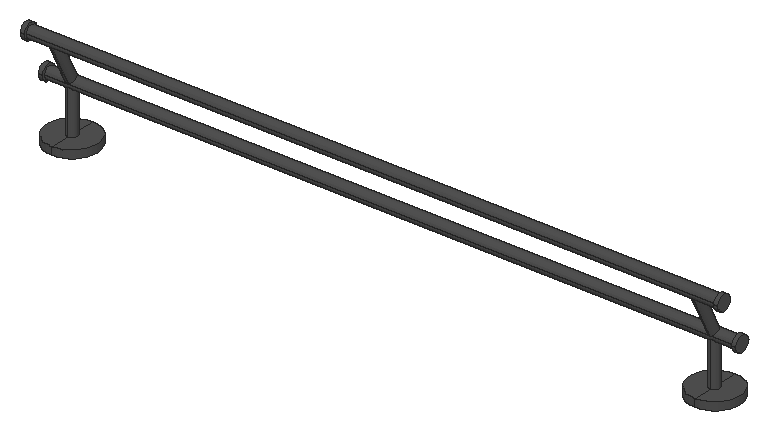
Revit family "Towel Rail-Double-Caroma Liano Nexus", category Specialty Equipment, host Face, Revit 2013
Parameters (values of type "Standard")
  URL = "http://www.caroma.com.au/"
  Type Comments = "Caroma Liano Nexus Double Towel Rail"  # constant formula
  ModifiedIssue_ANZRS = 2013.1  # constant formula
  Model = "96121B"  # constant formula
  Material_ANZRS = Metal-Steel-Powdercoated-Matte Black
  Manufacturer = "GWA Bathrooms & Kitchens"  # constant formula
  Length_ANZRS = 760 mm  # constant formula
  Description = ""
  Default Elevation = 900 mm
  CreatedBy_ANZRS = "Design Content"  # constant formula
  CreatedByURL_ANZRS = "www.designcontent.com.au"
  Cost = 0
  Assembly Code = "C1030200"
Reference planes
  plane 1 "Center (Elevation)": y = 0
  plane 2 "Back": z = 0
  plane 3 "Center (Left/Right)": x = 0
  plane 4 "Left": x = -380
  plane 5 "Right": x = 380
  plane 6 "Top": y = 29.966
  plane 7 "Bottom": y = -30
  plane 8 "Front": z = 129
Forms (mm)
  Revolve 1, solid, material "Metal-Steel-Powdercoated-Matte Black" <- "Material_ANZRS"
    sketch origin (-380, 0, 0) x (0, 1, 0) y (0, 0, 1)
      loop
        line (0, 0) -> (29.966, 0) -> (29.966, 9) -> (6, 9) -> (6, 65.399) -> (0, 65.399) -> (0, 0)
      axis (0, 65.399) -> (0, 0)
    angle from 0 to 360
  Extrusion 2, solid, material "Metal-Steel-Powdercoated-Matte Black" <- "Material_ANZRS"
    sketch origin (0, 0, 0) x (0, 1, 0) y (0, 0, 1)
      loop
        circle (-26.896, 120.145) r 7
      loop
        circle (0, 64.985) r 7
    from -407.5 to 407.5
  Revolve 3, solid, material "Metal-Steel-Powdercoated-Matte Black" <- "Material_ANZRS"
    sketch origin (380, 0, 0) x (0, 1, 0) y (0, 0, 1)
      loop
        line (0, 0) -> (29.966, 0) -> (29.966, 9) -> (6, 9) -> (6, 65.399) -> (0, 65.399) -> (0, 0)
      axis (0, 65.399) -> (0, 0)
    angle from 0 to 360
  Revolve 4, solid, material "Metal-Steel-Powdercoated-Matte Black" <- "Material_ANZRS"
    sketch origin (-380, 0, 0) x (0, 1, 0) y (0, 0, 1)
      loop
        line (0, 65) -> (5.393, 67.63) -> (-21.679, 123.135) -> (-27.072, 120.505) -> (0, 65)
      axis (0, 65) -> (-27.072, 120.505)
    angle from 0 to 360
  Extrusion 5, solid, material "Metal-Steel-Powdercoated-Matte Black" <- "Material_ANZRS"
    sketch origin (0, 0, 0) x (0, 1, 0) y (0, 0, 1)
      loop
        circle (-26.896, 120.145) r 9
      loop
        circle (0, 64.985) r 9
    from -412.5 to -407.5
  Extrusion 6, solid, material "Metal-Steel-Powdercoated-Matte Black" <- "Material_ANZRS"
    sketch origin (0, 0, 0) x (0, 1, 0) y (0, 0, -1)
      loop
        circle (-26.896, -120.145) r 9
      loop
        circle (0, -64.985) r 9
    from -412.5 to -407.5
  Revolve 7, solid, material "Metal-Steel-Powdercoated-Matte Black" <- "Material_ANZRS"
    sketch origin (380, 0, 0) x (0, 1, 0) y (0, 0, -1)
      loop
        line (0, -65) -> (-27.072, -120.505) -> (-21.679, -123.135) -> (5.393, -67.63) -> (0, -65)
      axis (0, -65) -> (-27.072, -120.505)
    angle from 0 to 360
Cuts and joins
  joined: Revolve 1, Extrusion 2, Revolve 3, Revolve 4, Extrusion 5, Extrusion 6, Revolve 7
Dimensions and locks
  "Length_ANZRS": plane 4 "Left" to plane 5 "Right"
  equal spacing: plane 4 "Left", plane 3 "Center (Left/Right)", plane 5 "Right"
  aligned and locked: plane 2 "Back" to host face
  aligned and locked: level to host face
Automatic sketch dimensions
  host sketch curve to host sketch curve = 2438.4 mm  (x2)
  Revolve 1 sketch curve to plane 1 "Center (Elevation)" = 0 mm  (x2)
  Revolve 1 sketch curve to plane 6 "Top" = 0 mm
  Revolve 1 sketch curve to level = 0 mm
  Revolve 1 sketch curve to Revolve 1 sketch curve = 6 mm
  level to Revolve 1 sketch curve = 9 mm
  Revolve 1 sketch curve to Revolve 1 sketch curve = 56.399 mm
  Revolve 1 sketch curve to Revolve 1 sketch curve = 24.096 mm
  Revolve 1 sketch curve to Revolve 1 sketch curve = 7.879 mm
  Extrusion 2 sketch curve to plane 1 "Center (Elevation)" = 0 mm
  Extrusion 2 sketch curve to plane 7 "Bottom" = 3.104 mm
  Extrusion 2 sketch curve to plane 8 "Front" = 64.015 mm
  Extrusion 2 sketch curve to plane 8 "Front" = 8.855 mm
  Revolve 3 sketch curve to plane 1 "Center (Elevation)" = 0 mm  (x2)
  Revolve 3 sketch curve to plane 6 "Top" = 0 mm
  Revolve 3 sketch curve to level = 0 mm
  Revolve 3 sketch curve to Revolve 3 sketch curve = 6 mm
  level to Revolve 3 sketch curve = 9 mm
  Revolve 3 sketch curve to Revolve 3 sketch curve = 56.399 mm
  Revolve 3 sketch curve to Revolve 3 sketch curve = 24.096 mm
  Revolve 3 sketch curve to Revolve 3 sketch curve = 7.879 mm
  Revolve 4 sketch curve to plane 1 "Center (Elevation)" = 0 mm
  Revolve 4 sketch curve to plane 8 "Front" = 64 mm
  Revolve 4 sketch curve to plane 7 "Bottom" = 8.321 mm
  Revolve 4 sketch curve to plane 7 "Bottom" = 2.928 mm
  plane 7 "Bottom" to Revolve 4 sketch curve = 7.049 mm
  Revolve 4 sketch curve to Revolve 4 sketch curve = 0 mm  (x2)
  Revolve 4 sketch curve to Revolve 4 sketch curve = 2.63 mm
  plane 8 "Front" to Revolve 4 sketch curve = 11.961 mm
  Extrusion 5 sketch curve to plane 1 "Center (Elevation)" = 0 mm
  Extrusion 5 sketch curve to plane 7 "Bottom" = 3.104 mm
  Extrusion 5 sketch curve to plane 8 "Front" = 64.015 mm
  Extrusion 5 sketch curve to plane 8 "Front" = 8.855 mm
  Extrusion 6 sketch curve to plane 1 "Center (Elevation)" = 0 mm
  Extrusion 6 sketch curve to plane 7 "Bottom" = 3.104 mm
  Extrusion 6 sketch curve to plane 8 "Front" = 8.855 mm
  Extrusion 6 sketch curve to Extrusion 6 sketch curve = 55.16 mm
  Revolve 7 sketch curve to plane 1 "Center (Elevation)" = 0 mm
  Revolve 7 sketch curve to plane 8 "Front" = 5.865 mm
  Revolve 7 sketch curve to plane 7 "Bottom" = 8.321 mm
  Revolve 7 sketch curve to plane 7 "Bottom" = 2.928 mm
  plane 7 "Bottom" to Revolve 7 sketch curve = 7.049 mm
  Revolve 7 sketch curve to Revolve 7 sketch curve = 0 mm  (x2)
  Revolve 7 sketch curve to Revolve 7 sketch curve = 2.63 mm
  plane 8 "Front" to Revolve 7 sketch curve = 11.961 mm
  radius of Extrusion 2 sketch curve = 7 mm  (x2)
  radius of Extrusion 5 sketch curve = 9 mm  (x2)
  radius of Extrusion 6 sketch curve = 9 mm  (x2)
